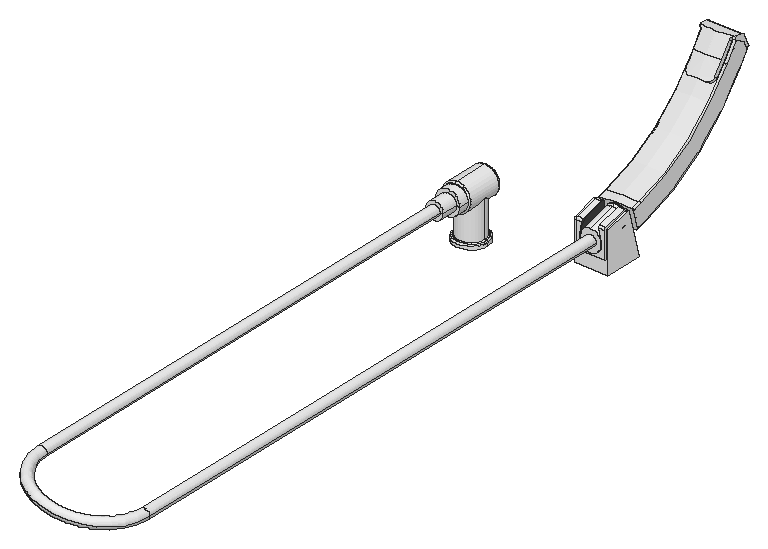
Revit family "Hand-Shower-Set_Transitional_Nexus_TS794F2_TOTO", category Plumbing Fixtures, host Face, Revit 2013 (continued)
Definition of nested family "TS794F2"
  Dimensions and locks (in)
    Extrusion 7 sketch curve to plane 3 "Center (Left/Right)" to Extrusion 7 sketch curve = 0' - 0.3761" locked, 0' - 0.3761" locked
    locked: plane 17 to plane 4 at 0.80315
    locked: plane 4 to plane 3 "Center (Left/Right)" at 4.96732
    locked: plane 14 to plane 15 at 2.39413
    locked: plane 16 to Extrusion 7 sketch curve at 0.00001
    locked: plane 1 "Center (Front/Back)" to plane 12 at 7.5748
    locked: Sweep 10 sketch curve to plane 3 "Center (Left/Right)" at 0.83858
    locked: plane 12 to Extrusion 11 sketch curve at 0.86548
    locked: Extrusion 11 sketch curve to plane 12 at 0.97307
    Extrusion 11 sketch curve to plane 7 to Extrusion 11 sketch curve = 0' - 0.87447" locked, 0' - 1.1811" locked
    locked: plane 7 to Extrusion 11 sketch curve at 0.05694
    locked: plane 12 to Extrusion 11 sketch curve at 0.03612
    locked: plane 19 to plane 3 "Center (Left/Right)" at 1.23346
    Extrusion 15 sketch curve to plane 3 "Center (Left/Right)" to Extrusion 15 sketch curve = 0' - 1.57408" locked, 0' - 1.57553" locked
    plane 20 to Extrusion 15 sketch curve to Extrusion 15 sketch curve to Extrusion 15 sketch curve = 0' - 1.1811" locked, 0' - 0" locked, 0' - 2.65174" locked
    Extrusion 15 sketch curve to plane 3 "Center (Left/Right)" to Extrusion 15 sketch curve = 0' - 0.68445" locked, 0' - 0.68563" locked
    locked: plane 20 to Extrusion 15 sketch curve at 3.06394
    locked: plane 22 to plane 21 at 2.16535
    Extrusion 13 sketch curve to plane 22 to Extrusion 13 sketch curve = 0' - 0.69115" locked, 0' - 0.94068" locked
    locked: plane 20 to Extrusion 13 sketch curve at 1.45719
    locked: plane 20 to Extrusion 13 sketch curve at 1.17936
    locked: plane 20 to Extrusion 13 sketch curve at 0.89022
    Extrusion 14 sketch curve to Extrusion 14 sketch curve to Extrusion 14 sketch curve to Extrusion 14 sketch curve to plane 2 = 0' - 0.99786" locked, 0' - 1.15777" locked, 0' - 0.82413" locked, 0' - 3.86083" locked
    locked: plane 21 to Sweep 12 sketch curve at 2.03543
    locked: Sweep 12 sketch curve to plane 21 at 1.88892
    locked: plane 20 to Sweep 12 sketch curve at 0.12671
    plane 1 "Center (Front/Back)" to Extrusion 14 sketch curve to Extrusion 14 sketch curve = 0' - 5.12028" locked, 0' - 2.48868" locked
    locked: plane 8 to plane 2 at 1.25004
    locked: plane 13 to Sweep 16 sketch curve at 0
    locked: plane 4 to Sweep 16 sketch curve at 0
    radius of Extrusion 2 sketch curve = 0' - 0.07874"  (x2)
    radius of Extrusion 5 sketch curve = 0' - 0.09843"  (x2)
    radius of Extrusion 15 sketch curve = 0' - 0.27559"  (x2)
    radius of Sweep 16 sketch curve = 0' - 0.24803"
    locked: Extrusion 11 sketch curve to Extrusion 11 sketch curve (angle 115.301°)
    locked: Extrusion 11 sketch curve to Extrusion 11 sketch curve (angle 124.00°)
    aligned and locked: plane 2 to Extrusion 1
    aligned and locked: level to Extrusion 1
    aligned and locked: Revolve 3 sketch curve to plane 4  (x2)
    aligned and locked: Revolve 3 sketch curve to plane 2
    aligned and locked: plane 4 to Revolve 4 sketch curve
    aligned and locked: Revolve 4 sketch curve to plane 10
    aligned and locked: plane 4 to Revolve 6 sketch curve  (x2)
    aligned and locked: Revolve 6 sketch curve to plane 10
    aligned and locked: plane 13 to Revolve 4 sketch curve  (x2)
    aligned and locked: Revolve 3 sketch curve to plane 13
    aligned and locked: Extrusion 2 sketch curve to plane 2
    aligned and locked: plane 15 to Extrusion 7 sketch curve
    aligned and locked: cut or joined group of Extrusion 5, Extrusion 7, Extrusion 9 to plane 15
    aligned: plane 14 to cut or joined group of Extrusion 5, Extrusion 7, Extrusion 9
    aligned and locked: plane 15 to Revolve 8 sketch curve
    aligned and locked: plane 6 to Revolve 8 sketch curve
    aligned and locked: plane 14 to Revolve 8 sketch curve
    aligned and locked: plane 3 "Center (Left/Right)" to Revolve 8 sketch curve
    aligned and locked: Revolve 8 sketch curve to plane 6
    aligned and locked: Extrusion 9 sketch curve to plane 13
    aligned and locked: plane 5 to Extrusion 9 sketch curve
    aligned and locked: Extrusion 9 sketch curve to plane 2
    aligned and locked: Extrusion 9 sketch curve to cut or joined group of Extrusion 5, Extrusion 7, Extrusion 9
    aligned and locked: cut or joined group of Revolve 8, Extrusion 9 to plane 18
    aligned and locked: cut or joined group of Extrusion 2, Extrusion 7 to cut or joined group of Revolve 8, Extrusion 9
    aligned and locked: plane 18 to Sweep 10 sketch curve
    aligned and locked: Sweep 10 sketch curve to plane 3 "Center (Left/Right)"
    aligned and locked: Sweep 10 sketch curve to plane 6
    aligned and locked: plane 15 to Sweep 10 sketch curve
    aligned and locked: Extrusion 13 to plane 19
    aligned and locked: Extrusion 13 to plane 18
    aligned and locked: Extrusion 15 to plane 21
    aligned and locked: Extrusion 15 to plane 22
    aligned and locked: plane 20 to Extrusion 13 sketch curve
    aligned and locked: Extrusion 14 to plane 19
    aligned and locked: Extrusion 14 to plane 18
    aligned and locked: plane 3 "Center (Left/Right)" to Sweep 12 sketch curve
    aligned and locked: plane 4 to Sweep 16 sketch curve
    aligned and locked: Revolve 6 to Sweep 16 sketch curve
    aligned and locked: plane 9 to Sweep 16 sketch curve  (x2)
    aligned and locked: cut or joined group of Revolve 8, Extrusion 9 to Sweep 16 sketch curve
    aligned and locked: plane 14 to Extrusion 7
    aligned and locked: level to Extrusion 19
  Automatic sketch dimensions
    Extrusion 1 sketch curve to Extrusion 1 sketch curve = 8' - 0"  (x2)
    Revolve 4 sketch curve to Revolve 4 sketch curve = 0' - 0.07178"
    Revolve 4 sketch curve to Revolve 4 sketch curve = 0' - 0"
    Revolve 4 sketch curve to Revolve 4 sketch curve = 0' - 0.05757"
    Revolve 4 sketch curve to Revolve 4 sketch curve = 0' - 0.05906"
    Revolve 4 sketch curve to Revolve 4 sketch curve = 0' - 0.64335"
    Revolve 4 sketch curve to Revolve 4 sketch curve = 0' - 0.31889"
    Revolve 4 sketch curve to Revolve 4 sketch curve = 0' - 0.07481"
    Revolve 6 sketch curve to Revolve 6 sketch curve = 0' - 0.09843"
    Revolve 6 sketch curve to Revolve 6 sketch curve = 0' - 0.7874"
    Revolve 6 sketch curve to plane 4 = 0' - 0.41339"
    Revolve 6 sketch curve to Revolve 6 sketch curve = 0' - 0.16929"
    Revolve 3 sketch curve to plane 4 = 0' - 0.65354"
    Revolve 3 sketch curve to Revolve 3 sketch curve = 0' - 0.07117"
    Revolve 3 sketch curve to Revolve 3 sketch curve = 0' - 0 5/128"
    Revolve 3 sketch curve to plane 7 = 0' - 0.92793"
    plane 7 to Revolve 3 sketch curve = 0' - 1.43427"
    Revolve 3 sketch curve to Revolve 3 sketch curve = 0' - 0.03937"
    Extrusion 2 sketch curve to Extrusion 2 sketch curve = 0' - 0.02093"  (x2)
    Extrusion 2 sketch curve to plane 1 "Center (Front/Back)" = 0' - 0.23851"
    Extrusion 2 sketch curve to plane 13 = 0' - 0.00573"
    Extrusion 5 sketch curve to Extrusion 5 sketch curve = 0' - 0.07292"
    plane 13 to Extrusion 5 sketch curve = 0' - 0.00371"
    Extrusion 5 sketch curve to Extrusion 5 sketch curve = 0' - 0.02551"
    plane 13 to Extrusion 5 sketch curve = 0' - 0.02998"
    Extrusion 5 sketch curve to plane 13 = 0' - 0.29283"
    Extrusion 5 sketch curve to Extrusion 5 sketch curve = 0' - 0.04331"
    Extrusion 5 sketch curve to plane 8 = 0' - 0.32663"
    plane 3 "Center (Left/Right)" to Extrusion 7 sketch curve = 0' - 0.51359"
    Extrusion 7 sketch curve to plane 3 "Center (Left/Right)" = 0' - 0.51359"
    plane 3 "Center (Left/Right)" to Extrusion 7 sketch curve = 0' - 0.3761"
    Extrusion 7 sketch curve to plane 3 "Center (Left/Right)" = 0' - 0.3761"
    Extrusion 7 sketch curve to Extrusion 7 sketch curve = 0' - 0.77314"
    Extrusion 7 sketch curve to Extrusion 7 sketch curve = 0' - 0.09134"
    Revolve 8 sketch curve to plane 8 = 0' - 0.0697"
    Revolve 8 sketch curve to Revolve 8 sketch curve = 0' - 0.05617"
    Revolve 8 sketch curve to plane 8 = 0' - 0.05323"
    Revolve 8 sketch curve to Revolve 8 sketch curve = 0' - 0.03101"
    Revolve 8 sketch curve to plane 8 = 0' - 0.03998"
    Sweep 10 sketch curve to plane 6 = 0' - 0"
    plane 8 to Sweep 10 sketch curve = 0' - 0.45327"
    Sweep 10 sketch curve to plane 12 = 0' - 0.95965"
    plane 12 to Sweep 10 sketch curve = 0' - 0.17953"
    plane 7 to Sweep 10 sketch curve = 0' - 0.43745"
    Extrusion 11 sketch curve to Extrusion 11 sketch curve = 0' - 0.03559"
    Extrusion 11 sketch curve to Extrusion 11 sketch curve = 0' - 0.0933"
    Extrusion 11 sketch curve to Extrusion 11 sketch curve = 0' - 0.04145"
    plane 5 to Sweep 12 sketch curve = 0' - 0.47659"
    Sweep 12 sketch curve to plane 12 = 0' - 0.92123"
    Sweep 12 sketch curve to Sweep 12 sketch curve = 0' - 1.32802"
    Extrusion 14 sketch curve to plane 12 = 0' - 0.25955"
    Extrusion 14 sketch curve to Extrusion 14 sketch curve = 0' - 0.03559"
    Extrusion 14 sketch curve to Extrusion 14 sketch curve = 0' - 0.05771"
    Extrusion 14 sketch curve to Extrusion 14 sketch curve = 0' - 0.49682"
    Extrusion 14 sketch curve to Extrusion 14 sketch curve = 0' - 0.51115"
    Extrusion 14 sketch curve to Extrusion 14 sketch curve = 0' - 0.88377"
    plane 5 to Extrusion 14 sketch curve = 0' - 0.47659"
    Extrusion 14 sketch curve to plane 7 = 0' - 0.51421"
    Extrusion 14 sketch curve to Extrusion 14 sketch curve = 0' - 0.04145"
    Extrusion 13 sketch curve to plane 7 = 0' - 0.07595"
    Extrusion 13 sketch curve to Extrusion 13 sketch curve = 0' - 0.17012"
    Extrusion 13 sketch curve to Extrusion 13 sketch curve = 0' - 0.20366"
    Extrusion 13 sketch curve to Extrusion 13 sketch curve = 0' - 0.2204"
    Sweep 16 sketch curve to plane 9 = 0' - 0"
    Sweep 16 sketch curve to plane 10 = 0' - 1.27953"
    plane 1 "Center (Front/Back)" to Sweep 16 sketch curve = 0' - 0.97047"
    Sweep 16 sketch curve to Sweep 16 sketch curve = 0' - 2.52953"
    plane 3 "Center (Left/Right)" to Sweep 10 sketch curve = 0' - 0.00059"
    profile plane to Sweep 10 sketch curve = 0' - 4.5436"
    profile plane to Sweep 10 sketch curve = 0' - 0.51874"  (x2)
    Sweep 10 sketch curve to Sweep 10 sketch curve = 0' - 0"  (x3)
    Sweep 10 sketch curve to Sweep 10 sketch curve = 0' - 0.0778"  (x2)
    Sweep 10 sketch curve to profile plane = 0' - 0.44234"  (x2)
    Sweep 10 sketch curve to Sweep 10 sketch curve = 0' - 0.07784"  (x2)
    Sweep 10 sketch curve to Sweep 10 sketch curve = 0' - 3.90511"
    plane 3 "Center (Left/Right)" to Sweep 12 sketch curve = 0' - 0.00059"
    profile plane to Sweep 12 sketch curve = 0' - 4.4253"
    profile plane to Sweep 12 sketch curve = 0' - 0.64322"  (x2)
    Sweep 12 sketch curve to Sweep 12 sketch curve = 0' - 0"  (x4)
    Sweep 12 sketch curve to Sweep 12 sketch curve = 0' - 0.07784"  (x2)
    Sweep 12 sketch curve to profile plane = 0' - 0.44094"  (x2)
    Sweep 12 sketch curve to Sweep 12 sketch curve = 0' - 0.0778"  (x2)
    Sweep 12 sketch curve to Sweep 12 sketch curve = 0' - 3.90183"
    Sweep 12 sketch curve to plane 3 "Center (Left/Right)" = 0' - 0.75984"
    plane 18 to Extrusion 15 sketch curve = 0' - 0.07539"
    Extrusion 15 sketch curve to Extrusion 15 sketch curve = 0' - 0.07874"
    plane 18 to curve 84 = 0' - 0"
    curve 92 to level = 0' - 0"
    curve 95 to level = 0' - 0"
    plane 4 to curve 96 = 0' - 0"
    curve 96 to plane 13 = 0' - 0"
    curve 81 to plane 18 = 0' - 0.00004"
    curve 79 to plane 18 = 0' - 3.44217"
    curve 86 to plane 7 = 0' - 1.06321"
    curve 86 to curve 79 = 0' - 0.72269"
    plane 18 to curve 72 = 0' - 0.00023"
    plane 18 to curve 80 = 0' - 0.00029"
    plane 18 to curve 72 = 0' - 0.00032"
    plane 18 to curve 80 = 0' - 0.00046"
    plane 18 to curve 92 = 0' - 0.03071"
    plane 18 to curve 79 = 0' - 0.06206"
    curve 71 to plane 7 = 0' - 0.01892"
    plane 18 to curve 71 = 0' - 0.06273"
    curve 92 to curve 85 = 0' - 0.03587"
    plane 18 to curve 82 = 0' - 0.07267"
    plane 8 to curve 85 = 0' - 0.02832"
    curve 85 to curve 85 = 0' - 0.01216"
    curve 71 to curve 72 = 0' - 0.02291"
    curve 80 to curve 81 = 0' - 0.02667"
    curve 79 to curve 80 = 0' - 0 7/256"
    plane 18 to curve 89 = 0' - 0.14882"
    plane 3 "Center (Left/Right)" to curve 86 = 0' - 0.00059"
    plane 3 "Center (Left/Right)" to curve 79 = 0' - 0.00059"
    plane 3 "Center (Left/Right)" to curve 71 = 0' - 0.00059"
    plane 3 "Center (Left/Right)" to curve 82 = 0' - 0.00047"
    plane 8 to curve 87 = 0' - 0.02832"
    plane 19 to curve 87 = 0' - 0.55236"
    curve 87 to curve 91 = 0' - 0.00984"
    plane 19 to curve 78 = 0' - 0.48431"
    curve 78 to curve 83 = 0' - 0.00058"
    curve 75 to plane 7 = 0' - 0.03011"
    plane 19 to curve 75 = 0' - 0.48052"
    curve 87 to curve 87 = 0' - 0.07874"
    curve 83 to curve 83 = 0' - 0.01591"
    curve 87 to curve 86 = 0' - 0.01216"
    curve 75 to plane 7 = 0' - 0.01892"
    curve 83 to curve 78 = 0' - 0.02679"
    plane 19 to curve 94 = 0' - 0.42441"
    curve 78 to curve 78 = 0' - 0.08896"
    curve 75 to curve 76 = 0' - 0.00032"
    curve 78 to curve 78 = 0' - 0.00017"
    curve 83 to curve 76 = 0' - 0.00026"
    curve 75 to curve 75 = 0' - 0.00008"
    curve 83 to curve 76 = 0' - 0.0001"
    curve 95 to plane 4 = 0' - 0.80315"
    curve 105 to curve 104 = 0' - 0.04034"
    curve 104 to curve 107 = 0' - 0.06551"
    curve 82 to plane 4 = 0' - 0.67393"
    plane 13 to curve 110 = 0' - 0.12899"
    curve 110 to plane 4 = 0' - 0.6691"
    curve 103 to curve 108 = 0' - 0.04361"
    curve 71 to plane 4 = 0' - 0.3648"
    curve 98 to plane 17 = 0' - 0.14773"
    curve 98 to curve 99 = 0' - 0.04361"
    curve 101 to plane 17 = 0' - 0.03862"
    plane 17 to curve 95 = 0' - 0.00172"
    level to curve 106 = 0' - 0.16215"
    curve 90 to plane 8 = 0' - 0.31697"
    curve 109 to plane 8 = 0' - 0.09624"
    curve 89 to plane 8 = 0' - 0.05836"
    curve 87 to curve 110 = 0' - 0.39075"
    curve 109 to curve 108 = 0' - 0.18521"
    curve 86 to curve 83 = 0' - 0.15582"
    curve 82 to curve 83 = 0' - 0.07967"
    curve 82 to curve 81 = 0' - 0.07961"
    curve 83 to curve 88 = 0' - 0.00078"
    curve 81 to curve 80 = 0' - 0.01415"
    curve 81 to curve 80 = 0' - 0.08897"
    curve 83 to curve 78 = 0' - 0.0865"
    curve 71 to plane 7 = 0' - 0.63607"
    curve 77 to curve 75 = 0' - 0.17505"
    curve 74 to plane 7 = 0' - 0.07595"
    curve 76 to curve 75 = 0' - 0"
    curve 73 to plane 7 = 0' - 0.03062"
    curve 73 to curve 72 = 0' - 0"
    plane 7 to curve 82 = 0' - 2.92355"
    curve 82 to curve 79 = 0' - 0.09058"
    plane 17 to Extrusion 17 sketch curve = 0' - 0.05891"
    plane 5 to Extrusion 17 sketch curve = 0' - 1.0836"
    Extrusion 17 sketch curve to plane 10 = 0' - 0.07598"  (x2)
    Extrusion 17 sketch curve to plane 17 = 0' - 0.12073"
    Extrusion 17 sketch curve to Extrusion 17 sketch curve = 0' - 0 1/2"  (x2)
    Extrusion 17 sketch curve to Extrusion 17 sketch curve = 0' - 0 3/4"
    Extrusion 17 sketch curve to plane 17 = 0' - 0.31149"
    Extrusion 17 sketch curve to plane 4 = 0' - 0.49619"
    Extrusion 17 sketch curve to Extrusion 17 sketch curve = 0' - 0.19076"
    Extrusion 17 sketch curve to Extrusion 17 sketch curve = 0' - 0.17964"
    Extrusion 18 sketch curve to level = 0' - 0"
    plane 15 to Extrusion 18 sketch curve = 0' - 0"  (x2)
    Extrusion 18 sketch curve to plane 10 = 0' - 1.17843"
    Extrusion 18 sketch curve to plane 5 = 0' - 0.17112"
    plane 5 to Extrusion 18 sketch curve = 0' - 0.96268"
    plane 5 to Extrusion 18 sketch curve = 0' - 0.99755"
    plane 13 to Extrusion 18 sketch curve = 0' - 0.23221"
    Extrusion 18 sketch curve to plane 1 "Center (Front/Back)" = 0' - 6.67866"
    plane 7 to Extrusion 18 sketch curve = 0' - 0.50163"
    plane 12 to Extrusion 18 sketch curve = 0' - 0.21291"
    Extrusion 18 sketch curve to plane 8 = 0' - 0.25004"
    Extrusion 18 sketch curve to plane 7 = 0' - 0.60742"
    Extrusion 18 sketch curve to plane 1 "Center (Front/Back)" = 0' - 1.02519"
    curve 24 to plane 18 = 0' - 0"
    curve 52 to plane 10 = 0' - 0"
    plane 10 to curve 52 = 0' - 0.05865"
    plane 10 to curve 58 = 0' - 0.0588"
    curve 61 to plane 17 = 0' - 0.12065"
    curve 61 to plane 5 = 0' - 0.41824"
    curve 60 to plane 4 = 0' - 0.00056"
    curve 60 to plane 5 = 0' - 0.00157"
    plane 5 to curve 61 = 0' - 0.0016"
    curve 57 to curve 60 = 0' - 0.41517"
    curve 56 to curve 57 = 0' - 0.00098"
    curve 54 to plane 17 = 0' - 0.17932"
    curve 54 to curve 61 = 0' - 0.41567"
    curve 56 to curve 56 = 0' - 0.05803"
    curve 54 to curve 54 = 0' - 0.05739"
    curve 55 to curve 56 = 0' - 0"
    curve 205 to plane 18 = 0' - 0.17955"
    plane 5 to curve 205 = 0' - 0.96268"
    curve 28 to curve 202 = 0' - 0.07075"
    curve 37 to curve 207 = 0' - 0.07079"
    curve 38 to curve 68 = 0' - 0.00004"
    curve 38 to curve 38 = 0' - 0"
    curve 37 to curve 37 = 0' - 0"
    plane 18 to curve 30 = 0' - 0.03071"
    curve 30 to curve 28 = 0' - 0.04331"
    curve 26 to curve 27 = 0' - 0.04331"
    curve 37 to curve 37 = 0' - 0.07056"
    plane 3 "Center (Left/Right)" to curve 39 = 0' - 0.39751"
    curve 39 to curve 38 = 0' - 0.07056"
    curve 38 to curve 38 = 0' - 0.02799"
    curve 37 to curve 36 = 0' - 0.02799"
    curve 40 to plane 1 "Center (Front/Back)" = 0' - 0.13284"
    curve 39 to curve 40 = 0' - 0.07782"
    curve 35 to curve 36 = 0' - 0.02129"
    curve 40 to curve 40 = 0' - 0.02129"
    curve 40 to curve 40 = 0' - 0.09584"
    curve 35 to curve 35 = 0' - 0.09584"
    curve 41 to curve 40 = 0' - 0.00008"
    curve 34 to curve 35 = 0' - 0.00008"
    curve 35 to curve 34 = 0' - 0.00319"
    curve 42 to curve 41 = 0' - 0.14552"
    curve 43 to curve 35 = 0' - 0.14232"
    curve 44 to curve 43 = 0' - 0.0316"
    curve 44 to curve 41 = 0' - 0.0316"
    curve 43 to curve 43 = 0' - 0.04199"
    curve 42 to curve 44 = 0' - 0.01311"
    curve 46 to curve 42 = 0' - 0.03522"
    curve 46 to curve 43 = 0' - 0.03796"
    curve 43 to curve 44 = 0' - 0.05277"
    curve 33 to curve 44 = 0' - 0.05839"
    curve 45 to curve 43 = 0' - 0.04743"
    curve 32 to curve 44 = 0' - 0.05835"
    curve 45 to curve 42 = 0' - 0.04471"
    curve 42 to curve 44 = 0' - 0.05782"
    curve 21 to curve 33 = 0' - 0.00311"
    curve 23 to curve 32 = 0' - 0.00316"
    curve 31 to curve 22 = 0' - 0.00412"
    curve 25 to curve 21 = 0' - 0.00437"
    curve 21 to curve 33 = 0' - 0.02389"
    curve 23 to curve 31 = 0' - 0.01665"
    curve 23 to curve 23 = 0' - 0"
    curve 20 to curve 25 = 0' - 0.01641"
    plane 3 "Center (Left/Right)" to curve 44 = 0' - 0.00023"
    curve 45 to plane 3 "Center (Left/Right)" = 0' - 0.00106"
    curve 45 to curve 44 = 0' - 0.24986"
    plane 3 "Center (Left/Right)" to curve 22 = 0' - 0.00059"
    curve 22 to curve 45 = 0' - 0.28485"
    plane 3 "Center (Left/Right)" to curve 46 = 0' - 0.00007"
    curve 46 to curve 22 = 0' - 0.01557"
    plane 3 "Center (Left/Right)" to curve 15 = 0' - 0.41031"
    curve 15 to plane 12 = 0' - 2.07303"
    curve 14 to plane 3 "Center (Left/Right)" = 0' - 0.41231"
    curve 14 to curve 15 = 0' - 0.00021"
    curve 14 to plane 3 "Center (Left/Right)" = 0' - 0.12658"
    curve 14 to curve 14 = 0' - 0.15137"
    curve 16 to curve 15 = 0' - 0.17386"
    curve 14 to curve 15 = 0' - 0.18167"
    plane 18 to curve 17 = 0' - 0.15414"
    curve 17 to curve 16 = 0' - 0.02238"
    curve 14 to curve 14 = 0' - 0.0146"
    curve 16 to curve 17 = 0' - 0.02017"
    plane 3 "Center (Left/Right)" to curve 1 = 0' - 0.00059"
    curve 1 to curve 14 = 0' - 0.13629"
    curve 19 to curve 16 = 0' - 0.85449"
    curve 19 to curve 19 = 0' - 0.00561"
    curve 13 to curve 14 = 0' - 0.88012"
    plane 18 to curve 19 = 0' - 0.07586"
    curve 19 to curve 19 = 0' - 0 1/128"
    curve 12 to curve 13 = 0' - 0.00827"
    curve 12 to curve 12 = 0' - 0.01409"
    curve 18 to curve 19 = 0' - 0.04478"
    curve 12 to curve 12 = 0' - 0.04435"
    curve 203 to curve 12 = 0' - 0.07793"
    curve 5 to curve 19 = 0' - 0.04833"
    curve 5 to curve 11 = 0' - 0.04821"
    curve 24 to curve 5 = 0' - 0.01674"
    curve 18 to curve 4 = 0' - 0.01674"
    curve 11 to curve 5 = 0' - 0.01677"
    curve 4 to curve 18 = 0' - 0.06477"
    curve 6 to curve 11 = 0' - 0.06474"
    plane 18 to curve 4 = 0' - 0.00032"
    curve 4 to curve 4 = 0' - 0.00371"
    curve 6 to curve 6 = 0' - 0.00371"
    curve 8 to plane 18 = 0' - 0"
    curve 8 to curve 4 = 0' - 0.33015"
    curve 9 to curve 8 = 0' - 0.17012"
    curve 3 to plane 12 = 0' - 0.06923"
    curve 7 to plane 12 = 0' - 0.06923"
    curve 2 to curve 3 = 0' - 0"
    curve 10 to curve 7 = 0' - 0"
    curve 2 to plane 12 = 0' - 0.06695"
    curve 10 to curve 10 = 0' - 0.00227"
    curve 10 to plane 12 = 0' - 0.03162"
    curve 2 to plane 12 = 0' - 0.03162"
    plane 12 to curve 201 = 0' - 0.21291"
    plane 12 to curve 15 = 0' - 2.13655"
    plane 3 "Center (Left/Right)" to curve 5 = 0' - 0.00059"
    curve 5 to curve 15 = 0' - 1.46285"
    curve 58 to plane 10 = 0' - 0.00029"
    curve 48 to plane 17 = 0' - 0.22047"
    curve 47 to curve 48 = 0' - 0.48031"
    plane 4 to curve 55 = 0' - 0.00046"
    curve 62 to curve 55 = 0' - 0.44506"
    curve 55 to curve 63 = 0' - 0.35416"
    curve 65 to curve 212 = 0' - 0.04645"
    plane 9 to curve 211 = 0' - 0.0622"
    plane 9 to curve 65 = 0' - 0.02203"
    plane 9 to curve 208 = 0' - 0.02153"
    plane 9 to curve 212 = 0' - 0.02897"
    curve 206 to plane 9 = 0' - 0.03914"
    curve 206 to curve 68 = 0' - 0"
    curve 208 to plane 19 = 0' - 1.16158"
    curve 69 to curve 208 = 0' - 2.17716"
    curve 208 to curve 208 = 0' - 0.0004"
    curve 208 to curve 209 = 0' - 0.55577"
    curve 51 to curve 52 = 0' - 0"
    curve 62 to plane 17 = 0' - 0.38976"
    curve 62 to curve 70 = 0' - 0.16242"
    curve 70 to curve 210 = 0' - 0.09185"
    plane 4 to curve 61 = 0' - 0.0182"
    curve 65 to plane 4 = 0' - 0.30985"
    curve 65 to curve 212 = 0' - 0.05292"
    curve 5 to plane 4 = 0' - 0.3648"
    curve 212 to curve 64 = 0' - 0.05061"
    curve 64 to curve 49 = 0' - 0.16929"
    curve 208 to curve 208 = 0' - 0.04163"
    curve 69 to curve 66 = 0' - 0.06634"
    curve 69 to curve 209 = 0' - 0.03213"
    curve 203 to curve 12 = 0' - 0.11458"
    curve 12 to curve 20 = 0' - 0.0019"
    curve 20 to curve 21 = 0' - 0.06687"
    curve 7 to curve 6 = 0' - 0.00023"
    curve 7 to curve 10 = 0' - 0.00029"
    curve 6 to curve 6 = 0' - 0.00008"
    curve 7 to curve 10 = 0' - 0.00046"
    curve 202 to curve 25 = 0' - 0.14601"
    curve 10 to curve 10 = 0' - 0.06177"
    curve 5 to curve 11 = 0' - 0 1/128"
    curve 6 to curve 11 = 0' - 0.01601"
    curve 22 to curve 21 = 0' - 0.01187"
    curve 25 to curve 27 = 0' - 0.11811"
    curve 44 to curve 34 = 0' - 0.01199"
    curve 34 to curve 35 = 0' - 0.0924"
    curve 43 to curve 45 = 0' - 0.03252"
    curve 35 to curve 34 = 0' - 0.00456"
    curve 34 to curve 35 = 0' - 0"
    curve 37 to curve 207 = 0' - 0.16742"
    curve 37 to curve 37 = 0' - 0.00024"
    curve 45 to curve 46 = 0' - 0.1107"
    plane 3 "Center (Left/Right)" to curve 15 = 0' - 0.00059"
    curve 40 to curve 44 = 0' - 0.12691"
    curve 39 to curve 38 = 0' - 0.01259"
    curve 39 to curve 40 = 0' - 0.01265"
    curve 40 to curve 41 = 0' - 0"
    curve 45 to curve 42 = 0' - 0.03055"
    curve 18 to curve 4 = 0' - 0.09474"
    curve 2 to curve 2 = 0' - 0 7/256"
    curve 4 to curve 18 = 0' - 0.0069"
    curve 23 to curve 23 = 0' - 0.01187"
    plane 18 to curve 2 = 0' - 0.00046"
    curve 1 to curve 22 = 0' - 0.841"
    curve 213 to curve 62 = 0' - 0.07827"
    curve 63 to curve 213 = 0' - 0.0828"
    curve 64 to curve 214 = 0' - 0.09567"
    curve 48 to curve 215 = 0' - 0.10427"
    curve 216 to plane 10 = 0' - 0.07598"
    curve 216 to curve 217 = 0' - 0.17964"
    curve 218 to curve 56 = 0' - 0.1891"
    curve 62 to curve 219 = 0' - 0.09567"
    curve 220 to plane 17 = 0' - 0.12073"
    curve 221 to plane 10 = 0' - 0.07598"
    curve 223 to curve 55 = 0' - 0.1891"
    curve 225 to curve 110 = 0' - 0.19749"
    plane 17 to curve 225 = 0' - 0.05891"
    curve 110 to curve 226 = 0' - 0.6455"
    curve 227 to level = 0' - 0"
    curve 231 to level = 0' - 0"
    curve 232 to plane 18 = 0' - 0.17955"
    curve 229 to plane 3 "Center (Left/Right)" = 0' - 0.95506"
    curve 230 to plane 3 "Center (Left/Right)" = 0' - 0.95506"
    plane 19 to curve 231 = 0' - 0.2784"
    curve 229 to plane 4 = 0' - 0.86659"
    curve 230 to plane 4 = 0' - 0.86659"
    curve 230 to plane 8 = 0' - 0.11586"
    plane 8 to curve 229 = 0' - 0.45617"
    curve 230 to plane 13 = 0' - 0.40978"
    curve 229 to curve 97 = 0' - 0.51917"
    plane 7 to curve 232 = 0' - 0.50163"
    curve 78 to curve 235 = 0' - 0.12405"
    plane 17 to curve 224 = 0' - 0.05891"
    Extrusion 19 sketch curve to plane 4 = 0' - 0"
    Extrusion 19 sketch curve to plane 5 = 0' - 0"
    curve 160 to level = 0' - 0"
    curve 258 to plane 11 = 0' - 0"
    curve 258 to level = 0' - 0"
    curve 168 to plane 5 = 0' - 0"
    plane 15 to curve 240 = 0' - 0"
    plane 15 to curve 236 = 0' - 0"
    curve 236 to plane 5 = 0' - 0.17112"
    curve 258 to plane 5 = 0' - 0 1/4"
    curve 126 to plane 5 = 0' - 0.3311"
    plane 10 to curve 194 = 0' - 0.26694"
    curve 164 to curve 165 = 0' - 0.03545"
    curve 166 to curve 163 = 0' - 0.03689"
    curve 162 to curve 166 = 0' - 0.03689"
    plane 10 to curve 161 = 0' - 0.11825"
    plane 10 to curve 173 = 0' - 0.05835"
    plane 10 to curve 170 = 0' - 0.05554"
    curve 170 to plane 10 = 0' - 0.00025"
    curve 246 to plane 10 = 0' - 0.07598"
    curve 181 to plane 10 = 0' - 0.48031"
    curve 122 to plane 10 = 0' - 0.52195"
    curve 245 to curve 179 = 0' - 0.09567"
    curve 175 to plane 13 = 0' - 0.0014"
    curve 175 to curve 181 = 0' - 0.49704"
    curve 240 to plane 10 = 0' - 1.17843"
    curve 181 to curve 175 = 0' - 0.3022"
    curve 249 to curve 195 = 0' - 0.04643"
    curve 131 to curve 240 = 0' - 3.6874"
    plane 8 to curve 200 = 0' - 0.24813"
    plane 9 to curve 200 = 0' - 0.73778"
    plane 9 to curve 199 = 0' - 0.61588"
    plane 9 to curve 194 = 0' - 0.46289"
    curve 250 to plane 9 = 0' - 0.03914"
    curve 248 to plane 9 = 0' - 0.03914"
    curve 253 to curve 248 = 0' - 0"
    curve 185 to plane 9 = 0' - 0.08071"
    curve 196 to curve 247 = 0' - 0.18936"
    curve 197 to curve 196 = 0' - 0.02311"
    plane 7 to curve 192 = 0' - 0.2389"
    curve 192 to plane 9 = 0' - 0.61427"
    curve 192 to plane 8 = 0' - 0.22089"
    curve 192 to curve 248 = 0' - 0.7475"
    curve 186 to plane 9 = 0' - 0.84934"
    curve 198 to plane 9 = 0' - 1.02604"
    curve 199 to curve 192 = 0' - 0.51097"
    curve 198 to curve 199 = 0' - 0"
    curve 197 to curve 198 = 0' - 0.03813"
    curve 196 to curve 197 = 0' - 0"
    plane 13 to curve 185 = 0' - 0.14451"
    curve 185 to curve 197 = 0' - 0.24131"
    curve 186 to curve 185 = 0' - 0"
    level to curve 187 = 0' - 0.45021"
    curve 187 to curve 192 = 0' - 0.87827"
    curve 191 to curve 185 = 0' - 0.11395"
    plane 13 to curve 187 = 0' - 0.04007"
    curve 187 to curve 185 = 0' - 0.53726"
    curve 192 to plane 8 = 0' - 0.03781"
    curve 191 to curve 192 = 0' - 0"
    curve 197 to plane 13 = 0' - 0.48036"
    curve 197 to curve 191 = 0' - 0.01146"
    curve 190 to curve 197 = 0' - 0.16243"
    curve 188 to curve 190 = 0' - 0.00944"
    curve 253 to curve 190 = 0' - 0.13568"
    curve 189 to curve 253 = 0' - 0.00937"
    plane 8 to curve 191 = 0' - 0.11877"
    curve 190 to curve 191 = 0' - 0"
    curve 188 to plane 13 = 0' - 0.12219"
    curve 188 to curve 253 = 0' - 0.10277"
    curve 189 to curve 187 = 0' - 0.20169"
    curve 190 to curve 190 = 0' - 0.20611"
    curve 248 to curve 189 = 0' - 0.03336"
    curve 253 to curve 254 = 0' - 0"
    plane 5 to curve 256 = 0' - 0 1/4"
    plane 5 to curve 123 = 0' - 0.28146"
    curve 123 to curve 129 = 0' - 0.05221"
    plane 8 to curve 177 = 0' - 0.28115"
    plane 5 to curve 177 = 0' - 0.65354"
    plane 5 to curve 124 = 0' - 0.6823"
    level to curve 166 = 0' - 0.20013"
    curve 155 to curve 166 = 0' - 0.03959"
    curve 157 to curve 158 = 0' - 0.07261"
    curve 158 to curve 159 = 0' - 0.03889"
    plane 8 to curve 177 = 0' - 0.28087"
    curve 155 to curve 177 = 0' - 0.18349"
    curve 177 to curve 176 = 0' - 0.00117"
    plane 5 to curve 174 = 0' - 0.84037"
    curve 174 to curve 175 = 0' - 0.05343"
    curve 176 to curve 176 = 0' - 0.0556"
    curve 175 to curve 176 = 0' - 0"
    curve 124 to curve 238 = 0' - 0.31525"
    curve 158 to curve 149 = 0' - 0.26769"
    curve 159 to curve 147 = 0' - 0.27211"
    curve 147 to curve 244 = 0' - 0.00686"
    curve 240 to plane 13 = 0' - 0.10109"
    curve 148 to curve 240 = 0' - 0.05016"
    curve 240 to curve 148 = 0' - 0.02275"
    curve 146 to curve 148 = 0' - 0.05512"
    curve 144 to plane 13 = 0' - 0.25571"
    curve 148 to curve 144 = 0' - 0.00269"
    curve 148 to curve 146 = 0' - 0.02362"
    curve 238 to curve 130 = 0' - 0.16101"
    plane 1 "Center (Front/Back)" to curve 128 = 0' - 0.12729"
    plane 13 to curve 145 = 0' - 0.09877"
    curve 145 to plane 1 "Center (Front/Back)" = 0' - 0.2075"
    plane 13 to curve 141 = 0' - 0.00371"
    curve 141 to curve 141 = 0' - 0.02551"
    curve 141 to curve 143 = 0' - 0.0055"
    curve 143 to plane 13 = 0' - 0.02612"
    curve 141 to curve 143 = 0' - 0.02643"
    plane 13 to curve 141 = 0' - 0.02998"
    curve 142 to plane 13 = 0' - 0.00573"
    curve 141 to curve 142 = 0' - 0.00763"
    curve 132 to plane 13 = 0' - 0.07473"
    curve 143 to curve 132 = 0' - 0.02137"
    curve 139 to plane 13 = 0' - 0.03196"
    curve 132 to curve 139 = 0' - 0.12758"
    curve 132 to curve 240 = 0' - 0.01555"
    curve 133 to plane 13 = 0' - 0.03012"
    curve 132 to curve 133 = 0' - 0.03506"
    plane 13 to curve 125 = 0' - 0.0448"
    curve 133 to curve 125 = 0' - 0.03235"
    level to curve 134 = 0' - 2.19614"
    curve 138 to plane 8 = 0' - 0.10002"
    curve 138 to plane 1 "Center (Front/Back)" = 0' - 0.61884"
    curve 152 to plane 8 = 0' - 0.32046"
    curve 137 to plane 8 = 0' - 0.0697"
    curve 138 to curve 137 = 0' - 0.14266"
    curve 137 to plane 8 = 0' - 0.05354"
    curve 136 to curve 124 = 0' - 0.01789"
    curve 142 to curve 151 = 0' - 0.09803"
    plane 13 to curve 126 = 0' - 0.81408"
    curve 240 to curve 126 = 0' - 2.16517"
    curve 130 to curve 126 = 0' - 0"
    plane 13 to curve 123 = 0' - 0.23765"
    curve 130 to curve 123 = 0' - 1.3338"
    curve 124 to curve 123 = 0' - 0"
    curve 124 to curve 130 = 0' - 1.42423"
    curve 131 to curve 130 = 0' - 0"
    curve 131 to curve 121 = 0' - 0.06488"
    curve 128 to curve 120 = 0' - 0.01339"
    curve 120 to curve 120 = 0' - 0.00055"
    curve 121 to plane 7 = 0' - 1.65282"
    curve 120 to curve 120 = 0' - 0.18163"
    curve 120 to curve 120 = 0' - 0.01743"
    curve 120 to curve 128 = 0' - 0.32984"
    curve 127 to curve 129 = 0' - 0.09618"
    curve 131 to curve 123 = 0' - 0.97402"
    curve 122 to curve 123 = 0' - 0"
    curve 117 to plane 7 = 0' - 0.14748"
    curve 129 to curve 117 = 0' - 0.46693"
    curve 117 to curve 117 = 0' - 0.00999"
    curve 127 to plane 7 = 0' - 0.00995"
    curve 117 to curve 127 = 0' - 0.03727"
    curve 117 to curve 117 = 0' - 0.04372"
    curve 117 to curve 117 = 0' - 0.00007"
    curve 118 to plane 7 = 0' - 0.08784"
    curve 117 to curve 118 = 0' - 0.00002"
    plane 7 to curve 237 = 0' - 0.50163"
    curve 117 to curve 131 = 0' - 0.04896"
    curve 118 to plane 7 = 0' - 0.19066"
    curve 116 to curve 112 = 0' - 0.2782"
    curve 111 to plane 7 = 0' - 0.07595"
    curve 112 to curve 111 = 0' - 0.03354"
    curve 112 to curve 115 = 0' - 0.16092"
    curve 113 to plane 7 = 0' - 0.20567"
    curve 112 to curve 113 = 0' - 0.17012"
    curve 115 to curve 116 = 0' - 0.05771"
    curve 115 to curve 115 = 0' - 0.03559"
    curve 114 to plane 12 = 0' - 0.06372"
    curve 113 to plane 12 = 0' - 0.002"
    plane 12 to curve 238 = 0' - 0.21291"
    curve 185 to curve 196 = 0' - 2.29932"
    level to curve 161 = 0' - 0.16203"
    curve 162 to curve 166 = 0' - 0"
    curve 164 to curve 164 = 0' - 0.03773"
    curve 158 to curve 150 = 0' - 0.43373"
    curve 251 to plane 8 = 0' - 0.34089"
    curve 194 to plane 8 = 0' - 0.2554"
    curve 238 to curve 124 = 0' - 0.14556"
    curve 154 to plane 8 = 0' - 0.24779"
    plane 8 to curve 253 = 0' - 0.20641"
    curve 253 to curve 248 = 0' - 0.02091"
    curve 254 to curve 248 = 0' - 0"
    curve 153 to curve 176 = 0' - 0.07693"
    curve 200 to curve 169 = 0' - 0.03233"
    curve 169 to curve 170 = 0' - 0.0561"
    plane 8 to curve 179 = 0' - 0.37989"
    curve 182 to curve 195 = 0' - 0.16638"
    curve 147 to curve 148 = 0' - 0.03879"
    curve 167 to plane 13 = 0' - 0.1929"
    curve 247 to curve 253 = 0' - 0"
    curve 185 to curve 250 = 0' - 0.13112"
    curve 250 to curve 182 = 0' - 0.03381"
    curve 183 to curve 179 = 0' - 0.16861"
    curve 180 to curve 171 = 0' - 0.0397"
    curve 182 to curve 243 = 0' - 0.36042"
    curve 121 to curve 120 = 0' - 0.05497"
    curve 120 to curve 120 = 0' - 0.00033"
    curve 120 to curve 127 = 0' - 0.48452"
    curve 127 to curve 129 = 0' - 0.0603"
    curve 122 to curve 238 = 0' - 0.27078"
    curve 115 to curve 112 = 0' - 0.30342"
    curve 115 to curve 115 = 0' - 0.04411"
    curve 117 to curve 117 = 0' - 0.00628"
    radius of Extrusion 19 sketch curve = 0' - 0 1/2"
